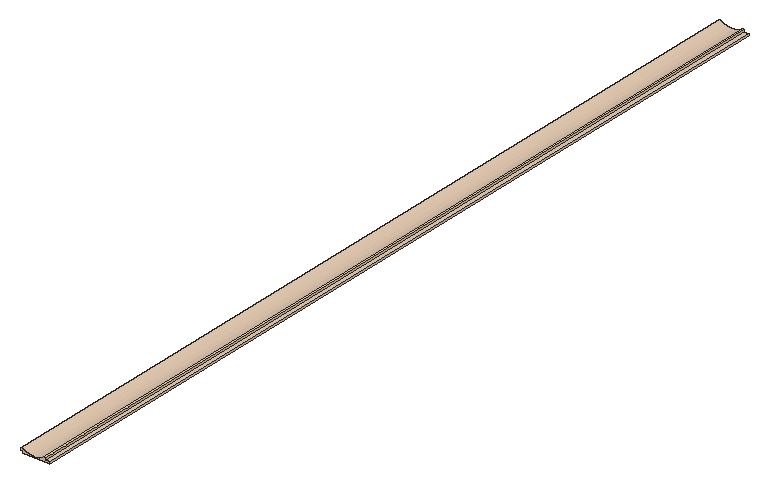
Revit family "FLUTED CLADDING STICK - 3in", category Generic Models, host Face, Revit 2023
Family settings
  Host = Face
  Can host rebar = No
  Round Connector Dimension = Use Diameter
  Part Type = Normal
  Cut with Voids When Loaded = No
  Maintain Annotation Orientation = No
  Shared = No
  Room Calculation Point = No
Parameters (values of type "FLUTED STICK - ALDER")
  Default Elevation = 4' - 0"
  CLADDING MATERIAL = WF - ALDER
  CLADDING LENGTH [instance] = 8' - 0"
Types (9): name | CLADDING MATERIAL
  (no name) | WF - ALDER
  FLUTED STICK - ALDER | WF - ALDER
  FLUTED STICK - WALNUT | WF - WALNUT
  FLUTED STICK - OAK | WF - OAK
  FLUTED STICK - BEECH | WF - BEECH
  FLUTED STICK - TRICORN BLACK | WF - TRICORN BLACK
  FLUTED STICK - SERIOUS GRAY | WF - SERIOUS GRAY
  FLUTED STICK - GRAY MATTERS | WF - GRAY MATTERS
  FLUTED STICK - WHITE FLOUR | WF - WHITE FLOUR
Reference planes (in)
  plane 1 "Center (Front/Back)": y = 0
  plane 2: z = 0
  plane 3 "Center (Left/Right)": x = 0
Forms (in)
  Extrusion 1, solid, material "WF - ALDER" <- "CLADDING MATERIAL"
    sketch origin (0, 0, 0) x (1, 0, 0) y (0, 0, 1)
      loop
        line (-1.5, 0.4375) -> (-1.5, 0.1875) -> (-1.25, 0.1875) -> (-1.25, 0) -> (1.75, 0) -> (1.75, 0.1875) -> (1.25, 0.1875) -> (1.25, 0.4375) -> (1.125, 0.4375)
        arc (1.125, 0.4375) -> (-0.125, 0.125) -> (-1.375, 0.4375) r 2.65625
        line (-1.375, 0.4375) -> (-1.5, 0.4375)
    from 0 to 96 <- "CLADDING LENGTH"
Lines and regions (in)
  symbolic lines, not visible
    curve 1: line (1.5, -18, 0) -> (1.5, 0, 0)
  symbolic lines, style "InvisibleLines"
    curve 2: line (1.5, 0, 0.1875) -> (1.5, 0, 0)
Dimensions and locks (in)
  aligned and locked: plane 2 to host face
  aligned and locked: level to host face
